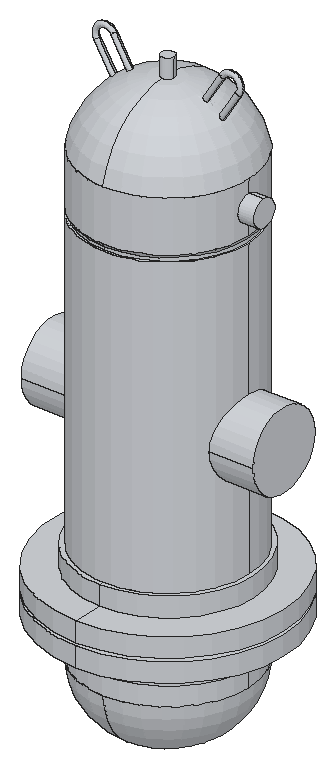
Revit family "WVA-2-NPT", category Mechanical Equipment, Revit 2014
Parameters (values of type "WVA-2-NPT")
  SideDrainExtrusion = CylinderHalfLength * 0.13123  # 0.59054"
  PipeConnectorDiameter = 2"
  PartNumber = "72080021"
  MaximumOperatingTemperature = "240°F"
  MaximumOperatingPressure = "125 PSIG"
  MaximumFlow = "69 GPM"
  HookWidth = 3/4"
  SideFlangeThickness1 = 0.27558"
  SideFlangeThickness = 0.59055"
  LeftHookDistance = 0.35916"
  TopExtrusionDiameter = A * 0.1111  # 0.9999"
  SideFlangeStep2Diameter = 5.0004"
  SideFlangeStep1Diameter = 3.6495"
  PipeDiameter = 2.9997"
  HookTopDistance = PipeDiameter * 1.667  # 5.0005"
  HookDistance = PipeDiameter * 1.2165  # 3.64914"
  URL = "http://westank.com/"
  TotalHeight = B * 0.1364  # 3.1372"
  Step5Diameter = A * 0.21818  # 1.96363"
  Step4Diameter = A * 0.25455  # 2.29091"
  Step3Diameter = A * 0.18182  # 1.63638"
  Step2Diameter = A * 0.10909  # 0.98181"
  Step1Diameter = A * 0.05454  # 0.49086"
  RingDistance = B * 0.19599  # 4.50777"
  RevolveRadius = CylindarDia / 2  # 3.15"
  Model = "WVA-2-NPT"
  Manufacturer = "Wessels Company"
  HookDiameter = A * 0.0223  # 0.2007"
  Height2 = B * 0.00547  # 0.12581"
  Height1 = B * 0.03268  # 0.75164"
  D = 11 1/2"
  CylinderHeight = B * 0.781  # 17.963"
  CylinderHalfLength = A / 2  # 4 1/2"
  CouplingHeight = B * 0.15525  # 3.57075"
  C = 9"
  BottomRevolveHeight = B * 0.10886  # 2.50378"
  BottomExtrusionHeight = B * 0.01095  # 0.25185"
  B = 23"
  CylindarDia = A * 0.7  # 6.3"
  NumberOfArray = 9
  ArrayRadius = CylindarDia * 0.62598  # 3.9437"
  ApproximateShipmentWeight = "90 lbs"
  A = 9"
Reference planes (in)
  plane 1: z = 0
  plane 2 "Center (Left/Right)": x = 0
  plane 3: x = -3.15
  plane 4: y = 1.09449
  plane 5: y = -2.05551
  plane 6: x = 3.15
  plane 7: z = 23
  plane 8: z = 11.5
  plane 9: y = -5.20551
  plane 10: z = 20.4815
  plane 11: z = 2.5185
  plane 12: y = -2.55551
  plane 13: y = -1.55551
  plane 14: z = 19.98717
  plane 15: z = 18.98717
  plane 16: z = 19.48717
  plane 17: x = 4.5
  plane 18: z = 18.49223
  plane 19: z = 18.24223
  plane 20: x = 0
  plane 21: z = 3.01459
  plane 22: x = -4.5
  plane 23: y = -6.55551
  plane 24: y = 2.44449
  plane 25: z = 4.08442
  plane 26: z = 0.25185
  plane 27: z = 2.75563
  plane 28: y = -2.15551
  plane 29: y = -1.95551
  plane 30: x = -4.5
  plane 31: x = 4.5
  plane 32: z = 11.5
  plane 33: x = 2
  plane 34: x = -2.03354
Forms (in)
  Extrusion 1, solid
    sketch origin (0, 0, 0) x (1, 0, 0) y (0, 1, 0)
      loop
        circle (0, -2.05551) r 3.15
    from 2.75563 to 20.4815
  Revolve 2, solid
    sketch origin (0, 0, 0) x (0, 1, 0) y (0, 0, 1)
      loop
        line (-2.05551, 20.4815) -> (-2.05551, 23)
        arc (-2.05551, 23) -> (-4.10042, 22.32849) -> (-5.20551, 20.4815) r 3.07813
        line (-5.20551, 20.4815) -> (-2.05551, 20.4815)
      axis (-2.05551, 23) -> (-2.05551, 20.4815)
    angle from 0 to 360
  Revolve 3, solid
    sketch origin (0, 0, 23) x (0, 1, 0) y (0, 0, 1)
      loop
        line (-2.05551, -20.24437) -> (-5.20551, -20.24437)
        arc (-5.20551, -20.24437) -> (-4.20829, -22.22317) -> (-2.05551, -22.74815) r 2.64392
        line (-2.05551, -22.74815) -> (-2.05551, -20.24437)
      axis (-2.05551, -22.74815) -> (-2.05551, -20.24437)
    angle from 0 to 360
  Extrusion 4, solid
    sketch origin (4.5, -180, 55.70663) x (0, 0, 1) y (0, -1, 0)
      loop
        circle (-36.21946, -177.94449) r 0.49995
    from -0.75947 to -3.37436
  Revolve 5, void
    sketch origin (0, 0, 0) x (0, 1, 0) y (0, 0, 1)
      loop
        line (1.14136, 18.55917) -> (1.00252, 18.36089) -> (1.00252, 18.24223) -> (1.14136, 18.24223) -> (1.14136, 18.55917)
      axis (-2.05551, 18.55917) -> (-2.05551, 18.24223)
    angle from 0 to 360
  Revolve 6, solid
    sketch origin (0, 0, 0) x (0, 1, 0) y (0, 0, 1)
      loop
        line (1.27519, 4.32239) -> (2.44449, 4.32239) -> (2.44449, 5.07403) -> (1.69769, 5.07403) -> (1.69769, 5.19984) -> (2.44449, 5.19984) -> (2.44449, 5.95148) -> (1.27519, 5.95148) -> (1.27519, 6.70795) -> (1.09449, 6.70795) -> (1.09449, 3.57075) -> (1.27519, 3.57075) -> (1.27519, 4.32239)
      axis (-2.05551, 6.70795) -> (-2.05551, 3.57075)
    angle from 0 to 360
  Extrusion 7, solid
    sketch origin (0, 0, 0) x (1, 0, 0) y (0, 1, 0)
      loop
        circle (0, -2.05551) r 0.24543
    from 0 to 0.25185
  Extrusion 8, solid
    sketch origin (0, 0, 0) x (0, 1, 0) y (0, 0, 1)
      loop
        circle (-2.05551, 11.5) r 1.49985
    from -4.5 to 4.5
  Extrusion 9, solid
    sketch origin (-60.41868, -180, 23) x (-1, 0, 0) y (0, -1, 0)
      loop
        circle (-60.41868, -177.94449) r 0.24543
    from 0 to 0.71071
  Sweep 10, solid
    path origin (-104.30923, 2.67748, 67.92686) x (-0.527199, 0.007853, 0.849706) y (0.849708, 0.013839, 0.527072)
      loop
        line (-92.98541, 62.71114) -> (-91.46355, 62.71114)
        arc (-91.46355, 62.71114) -> (-91.08855, 63.08614) -> (-91.46355, 63.46114) r 0.375
        line (-91.46355, 63.46114) -> (-92.98541, 63.46114)
    profile origin (-2.40246, 2.82113, 22.61647) x (0.849708, 0.013839, 0.527072) y (-0.00762, 0.999873, -0.013968)
      loop
        circle (0, -4.875) r 0.10035
  Sweep 11, solid
    path origin (104.30923, 2.67748, 67.92686) x (0.527199, 0.007853, 0.849706) y (0.849708, -0.013839, -0.527072)
      loop
        line (-92.98541, -62.71114) -> (-91.46355, -62.71114)
        arc (-91.46355, -62.71114) -> (-91.08855, -63.08614) -> (-91.46355, -63.46114) r 0.375
        line (-91.46355, -63.46114) -> (-92.98541, -63.46114)
    profile origin (2.40246, 2.82113, 22.61647) x (0.849708, -0.013839, -0.527072) y (0.00762, 0.999873, -0.013968)
      loop
        circle (0, -4.875) r 0.10035
Cuts and joins
  Revolve 5 cuts Extrusion 1
  joined: Extrusion 1, Extrusion 4, Revolve 6, Extrusion 8
  joined: Revolve 2, Sweep 10, Sweep 11
Dimensions and locks (in)
  equal spacing: plane 6, plane 2 "Center (Left/Right)", plane 3
  "CylindarDia": plane 6 to plane 3
  equal spacing: plane 7, plane 8, level
  "B": plane 7 to level
  equal spacing: plane 3, plane 2 "Center (Left/Right)", plane 6
  plane 3 to plane 6 = 6.3"
  equal spacing: plane 4, plane 5, plane 9
  plane 4 to plane 9 = 6.3"
  "RevolveRadius": plane 9 to plane 5
  equal spacing: plane 10, plane 8, plane 11
  "CylinderHeight": plane 10 to plane 11
  equal spacing: plane 12, plane 5, plane 13
  plane 12 to plane 13 = 1"
  plane 14 to plane 15 = 1"
  equal spacing: plane 14, plane 16, plane 15
  plane 10 to plane 14 = 0.49433"
  locked: Extrusion 4 sketch curve to plane 5
  locked: Extrusion 4 sketch curve to plane 16 at 0
  locked: Revolve 5 sketch curve to Revolve 5 sketch curve at 0.13884
  locked: plane 18 to plane 19 at 0.25
  "RingDistance": plane 7 to plane 18
  locked: plane 21 to plane 11 at 0.49609
  equal spacing: plane 17, plane 2 "Center (Left/Right)", plane 22
  "A": plane 17 to plane 22
  equal spacing: plane 23, plane 5, plane 24
  "A": plane 23 to plane 24
  Revolve 6 to plane 25 = 0.23797"
  "Height1": Revolve 6 sketch curve to Revolve 6 sketch curve  (x3)
  "Height2": Revolve 6 sketch curve to Revolve 6 sketch curve
  "TotalHeight": Revolve 6 sketch curve to Revolve 6 sketch curve
  "CouplingHeight": level to Revolve 6 sketch curve
  equal spacing: plane 28, plane 5, plane 29
  equal spacing: plane 31, plane 2 "Center (Left/Right)", plane 30
  "C": plane 31 to plane 30
  "D": plane 32 to level
  locked: plane 20 to Extrusion 9 sketch curve at 0
  locked: plane 5 to Extrusion 9 sketch curve at 0
  "BottomExtrusionHeight": plane 26 to level
  "BottomRevolveHeight": plane 27 to plane 26
  locked: plane 20 to Extrusion 7 sketch curve at 0
  locked: Extrusion 7 sketch curve to plane 5 at 0
  plane 33 to plane 20 to plane 34 = 2", 2.03354"
  "SideDrainExtrusion": Extrusion 4 to plane 6
  "HookWidth": Sweep 10 sketch curve to Sweep 10 sketch curve
  "HookWidth": Sweep 11 sketch curve to Sweep 11 sketch curve
  "CylindarDia": diameter of Extrusion 1 sketch curve
  "TopExtrusionDiameter": diameter of Extrusion 4 sketch curve
  "Step1Diameter": diameter of Extrusion 9 sketch curve
  "PipeDiameter": diameter of Extrusion 8 sketch curve
  "Step1Diameter": diameter of Extrusion 7 sketch curve
  "HookDiameter": diameter of Sweep 10 sketch curve
  "HookDiameter": diameter of Sweep 11 sketch curve
  aligned and locked: level to plane 1
  aligned and locked: Revolve 2 sketch curve to Extrusion 1
  aligned and locked: plane 5 to Revolve 2 sketch curve  (x2)
  aligned and locked: Revolve 2 sketch curve to plane 5
  aligned and locked: Revolve 3 sketch curve to Extrusion 1
  aligned and locked: plane 5 to Revolve 3 sketch curve
  aligned and locked: plane 9 to Revolve 3 sketch curve
  aligned and locked: plane 9 to Revolve 2 sketch curve
  aligned and locked: plane 10 to Extrusion 1
  aligned and locked: Revolve 5 sketch curve to plane 19
  aligned and locked: plane 20 to plane 2 "Center (Left/Right)"
  aligned and locked: Revolve 6 sketch curve to Revolve 6 sketch curve
  aligned and locked: Revolve 6 sketch curve to plane 4
  aligned and locked: Revolve 6 sketch curve to plane 5
  aligned and locked: plane 24 to Revolve 6 sketch curve
  aligned and locked: Revolve 5 sketch curve to plane 5
  aligned and locked: Extrusion 1 to plane 27
  aligned and locked: plane 26 to Extrusion 7
  aligned and locked: Extrusion 7 to level
  aligned and locked: Extrusion 9 to plane 7
  aligned and locked: cut or joined group of Extrusion 1, Extrusion 4, Revolve 5, Revolve 6, Extrusion 8 to plane 30
  aligned and locked: plane 31 to cut or joined group of Extrusion 1, Extrusion 4, Revolve 5, Revolve 6, Extrusion 8
Automatic sketch dimensions
  Revolve 3 sketch curve to plane 5 = 0"
  Revolve 3 sketch curve to plane 26 = 0"  (x2)
  Revolve 3 sketch curve to plane 27 = 0"
  Revolve 3 sketch curve to plane 12 = 0.00764"
  Revolve 5 sketch curve to plane 4 = 0.09196"
  plane 19 to Revolve 5 sketch curve = 0.11866"
  plane 18 to Revolve 5 sketch curve = 0.06694"
  Revolve 5 sketch curve to level = 12"
  Revolve 2 sketch curve to plane 10 = 0"
  Revolve 2 sketch curve to plane 7 = 0"
  Revolve 2 sketch curve to plane 28 = 0.02272"
  plane 7 to Revolve 2 sketch curve = 2.7327"
  plane 7 to Revolve 5 sketch curve = 72 7/8"
  Extrusion 1 sketch curve to plane 2 "Center (Left/Right)" = 0"
  Extrusion 1 sketch curve to plane 5 = 0"
  Revolve 6 sketch curve to plane 4 = 0"
  Revolve 6 sketch curve to Revolve 6 sketch curve = 0.1807"  (x2)
  plane 4 to Revolve 6 sketch curve = 0.6032"
  Revolve 6 sketch curve to level = 12"
  plane 7 to Revolve 6 sketch curve = 73"
  Extrusion 8 sketch curve to plane 5 = 0"
  Extrusion 8 sketch curve to plane 8 = 0"
  Sweep 10 sketch curve to Sweep 10 sketch curve = 1.52185"
  Sweep 10 sketch curve to Sweep 10 sketch curve = 0"
  profile plane to Sweep 10 sketch curve = 0"
  Sweep 10 sketch curve to profile plane = 4 7/8"
  Sweep 11 sketch curve to Sweep 11 sketch curve = 1.52185"
  Sweep 11 sketch curve to Sweep 11 sketch curve = 0"
  Sweep 11 sketch curve to profile plane = 0"
  Sweep 11 sketch curve to profile plane = 4 7/8"
Connectors (in)
  piping at (-4.5, -2.05551, 11.5), diameter 2, driven by "PipeConnectorDiameter"
    settings: on cut or joined group of Extrusion 1, Extrusion 4, Revolve 5, Revolve 6, Extrusion 8, index 1, connector inside diameter 24", connector length 0", flow factor 0, pipe flow 0 GPM, pressure drop 0.00 psi, fitting loss kfactor 0, connector angle 0.00°, fixture units 0, engagement length 0", angle of deflection 0.00°, flow configuration 0, flow direction 0, fitting loss method 0, system type 7, joint type 0, gender type 0, connector reference index 2, connector utility 0, adjustable connector no, is connector primary yes, connector description ""
  piping at (4.5, -2.05551, 11.5), diameter 2, driven by "PipeConnectorDiameter"
    settings: on cut or joined group of Extrusion 1, Extrusion 4, Revolve 5, Revolve 6, Extrusion 8, index 2, connector inside diameter 24", connector length 0", flow factor 0, pipe flow 0 GPM, pressure drop 0.00 psi, fitting loss kfactor 0, connector angle 0.00°, fixture units 0, engagement length 0", angle of deflection 0.00°, flow configuration 0, flow direction 0, fitting loss method 0, system type 7, joint type 0, gender type 0, connector reference index 1, connector utility 0, adjustable connector no, is connector primary no, connector description ""
